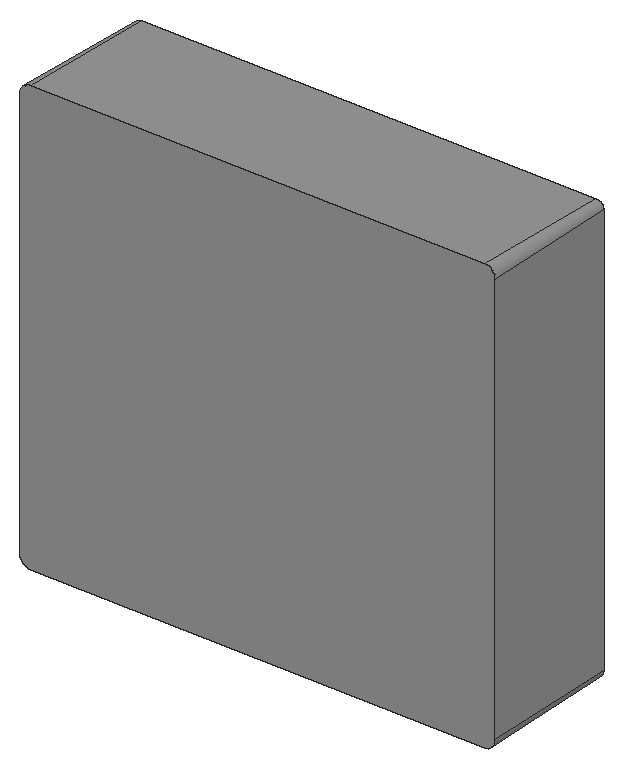
Revit family "L&L_LUCE&LIGHT_PASITO_1.2", category Lighting Fixtures, host Wall, Revit 2018 (continued)
Types (2, lengths in mm): name | Photometric Web File | built-in parameter 1150142
    00 0.00 0.00 0.00 0.00 0.00 0.00 0.00 0.00 0.00 \r\n0.00 0.00 0.00 0.00 0.00 0.00 0.00 0.00 0.00 0.00 0.00 \r\n0.00 0.00 0.00 0.00 0.00 0.00 0.00 0.00 0.00 0.00 0.00 \r\n0.00 0.00 0.00 0.00 0.00 0.00 0.00 0.00 0.00 0.00 0.00 \r\n0.00 0.00 0.00 0.00 0.00 0.00 0.00 0.00 0.00 0.00 0.00 \r\n0.00 0.00 0.00 0.00 0.02 \r\n0.07 0.00 0.00 0.00 0.00 0.00 0.00 0.00 0.00 0.00 0.00 \r\n0.00 0.00 0.00 0.00 0.00 0.00 0.00 0.00 0.00 0.00 0.00 \r\n0.00 0.00 0.00 0.00 0.00 0.00 0.00 0.00 0.00 0.00 0.00 \r\n0.00 0.00 0.00 0.00 0.00 0.00 0.00 0.00 0.00 0.00 0.00 \r\n0.00 0.00 0.00 0.00 0.00 0.00 0.00 0.00 0.00 0.00 0.00 \r\n0.00 0.00 0.00 0.00 0.00 0.00 0.00 0.00 0.00 0.00 0.00 \r\n0.00 0.00 0.00 0.00 0.00 0.00 0.00 0.00 0.00 0.00 0.00 \r\n0.00 0.00 0.00 0.00 0.00 0.00 0.00 0.00 0.00 0.00 0.00 \r\n0.00 0.00 0.00 0.00 0.00 0.00 0.00 0.00 0.00 0.00 0.00 \r\n0.00 0.00 0.00 0.00 0.00 0.00 0.00 0.00 0.00 0.00 0.00 \r\n0.00 0.00 0.00 0.00 0.00 0.00 0.00 0.00 0.00 0.00 0.00 \r\n0.00 0.00 0.00 0.00 0.00 0.00 0.00 0.00 0.00 0.00 0.00 \r\n0.00 0.00 0.00 0.00 0.00 0.00 0.00 0.00 0.00 0.00 0.00 \r\n0.00 0.00 0.00 0.00 0.00 0.00 0.00 0.00 0.00 0.00 0.00 \r\n0.00 0.00 0.00 0.00 0.00 0.00 0.00 0.00 0.00 0.00 0.00 \r\n0.00 0.00 0.00 0.00 0.00 0.00 0.00 0.00 0.00 0.00 0.00 \r\n0.00 0.00 0.00 0.00 0.02 \r\n0.07 0.00 0.00 0.00 0.00 0.00 0.00 0.00 0.00 0.00 0.00 \r\n0.00 0.00 0.00 0.00 0.00 0.00 0.00 0.00 0.00 0.00 0.00 \r\n0.00 0.00 0.00 0.00 0.00 0.00 0.00 0.00 0.00 0.00 0.00 \r\n0.00 0.00 0.00 0.00 0.00 0.00 0.00 0.00 0.00 0.00 0.00 \r\n0.00 0.00 0.00 0.00 0.00 0.00 0.00 0.00 0.00 0.00 0.00 \r\n0.00 0.00 0.00 0.00 0.00 0.00 0.00 0.00 0.00 0.00 0.00 \r\n0.00 0.00 0.00 0.00 0.00 0.00 0.00 0.00 0.00 0.00 0.00 \r\n0.00 0.00 0.00 0.00 0.00 0.00 0.00 0.00 0.00 0.00 0.00 \r\n0.00 0.00 0.00 0.00 0.00 0.00 0.00 0.00 0.00 0.00 0.00 \r\n0.00 0.00 0.00 0.00 0.00 0.00 0.00 0.00 0.00 0.00 0.00 \r\n0.00 0.00 0.00 0.00 0.00 0.00 0.00 0.00 0.00 0.00 0.00 \r\n0.00 0.00 0.00 0.00 0.00 0.00 0.00 0.00 0.00 0.00 0.00 \r\n0.00 0.00 0.00 0.00 0.00 0.00 0.00 0.00 0.00 0.00 0.00 \r\n0.00 0.00 0.00 0.00 0.00 0.00 0.00 0.00 0.00 0.00 0.00 \r\n0.00 0.00 0.00 0.00 0.00 0.00 0.00 0.00 0.00 0.00 0.00 \r\n0.00 0.00 0.00 0.00 0.00 0.00 0.00 0.00 0.00 0.00 0.00 \r\n0.00 0.00 0.00 0.00 0.02 \r\n0.07 0.00 0.00 0.00 0.00 0.00 0.00 0.00 0.00 0.00 0.00 \r\n0.00 0.00 0.00 0.00 0.00 0.00 0.00 0.00 0.00 0.00 0.00 \r\n0.00 0.00 0.00 0.00 0.00 0.00 0.00 0.00 0.00 0.00 0.00 \r\n0.00 0.00 0.00 0.00 0.00 0.00 0.00 0.00 0.00 0.00 0.00 \r\n0.00 0.00 0.00 0.00 0.00 0.00 0.00 0.00 0.00 0.00 0.00 \r\n0.00 0.00 0.00 0.00 0.00 0.00 0.00 0.00 0.00 0.00 0.00 \r\n0.00 0.00 0.00 0.00 0.00 0.00 0.00 0.00 0.00 0.00 0.00 \r\n0.00 0.00 0.00 0.00 0.00 0.00 0.00 0.00 0.00 0.00 0.00 \r\n0.00 0.00 0.00 0.00 0.00 0.00 0.00 0.00 0.00 0.00 0.00 \r\n0.00 0.00 0.00 0.00 0.00 0.00 0.00 0.00 0.00 0.00 0.00 \r\n0.00 0.00 0.00 0.00 0.00 0.00 0.00 0.00 0.00 0.00 0.00 \r\n0.00 0.00 0.00 0.00 0.00 0.00 0.00 0.00 0.00 0.00 0.00 \r\n0.00 0.00 0.00 0.00 0.00 0.00 0.00 0.00 0.00 0.00 0.00 \r\n0.00 0.00 0.00 0.00 0.00 0.00 0.00 0.00 0.00 0.00 0.00 \r\n0.00 0.00 0.00 0.00 0.00 0.00 0.00 0.00 0.00 0.00 0.00 \r\n0.00 0.00 0.00 0.00 0.00 0.00 0.00 0.00 0.00 0.00 0.00 \r\n0.00 0.00 0.00 0.00 0.02 \r\n0.07 0.00 0.00 0.00 0.00 0.00 0.00 0.00 0.00 0.00 0.00 \r\n0.00 0.00 0.00 0.00 0.00 0.00 0.00 0.00 0.00 0.00 0.00 \r\n0.00 0.00 0.00 0.00 0.00 0.00 0.00 0.00 0.00 0.00 0.00 \r\n0.00 0.00 0.00 0.00 0.00 0.00 0.00 0.00 0.00 0.00 0.00 \r\n0.00 0.00 0.00 0.00 0.00 0.00 0.00 0.00 0.00 0.00 0.00 \r\n0.00 0.00 0.00 0.00 0.00 0.00 0.00 0.00 0.00 0.00 0.00 \r\n0.00 0.00 0.00 0.00 0.00 0.00 0.00 0.00 0.00 0.00 0.00 \r\n0.00 0.00 0.00 0.00 0.00 0.00 0.00 0.00 0.00 0.00 0.00 \r\n0.00 0.00 0.00 0.00 0.00 0.00 0.00 0.00 0.00 0.00 0.00 \r\n0.00 0.00 0.00 0.00 0.00 0.00 0.00 0.00 0.00 0.00 0.00 \r\n0.00 0.00 0.00 0.00 0.00 0.00 0.00 0.00 0.00 0.00 0.00 \r\n0.00 0.00 0.00 0.00 0.00 0.00 0.00 0.00 0.00 0.00 0.00 \r\n0.00 0.00 0.00 0.00 0.00 0.00 0.00 0.00 0.00 0.00 0.00 \r\n0.00 0.00 0.00 0.00 0.00 0.00 0.00 0.00 0.00 0.00 0.00 \r\n0.00 0.00 0.00 0.00 0.00 0.00 0.00 0.00 0.00 0.00 0.00 \r\n0.00 0.00 0.00 0.00 0.00 0.00 0.00 0.00 0.00 0.00 0.00 \r\n0.00 0.00 0.00 0.00 0.02 \r\n0.07 0.00 0.00 0.00 0.00 0.00 0.00 0.00 0.00 0.00 0.00 \r\n0.00 0.00 0.00 0.00 0.00 0.00 0.00 0.00 0.00 0.00 0.00 \r\n0.00 0.00 0.00 0.00 0.00 0.00 0.00 0.00 0.00 0.00 0.00 \r\n0.00 0.00 0.00 0.00 0.00 0.00 0.00 0.00 0.00 0.00 0.00 \r\n0.00 0.00 0.00 0.00 0.00 0.00 0.00 0.00 0.00 0.00 0.00 \r\n0.00 0.00 0.00 0.00 0.00 0.00 0.00 0.00 0.00 0.00 0.00 \r\n0.00 0.00 0.00 0.00 0.00 0.00 0.00 0.00 0.00 0.00 0.00 \r\n0.00 0.00 0.00 0.00 0.00 0.00 0.00 0.00 0.00 0.00 0.00 \r\n0.00 0.00 0.00 0.00 0.00 0.00 0.00 0.00 0.00 0.00 0.00 \r\n0.00 0.00 0.00 0.00 0.00 0.00 0.00 0.00 0.00 0.00 0.00 \r\n0.00 0.00 0.00 0.00 0.00 0.00 0.00 0.00 0.00 0.00 0.00 \r\n0.00 0.00 0.00 0.00 0.00 0.00 0.00 0.00 0.00 0.00 0.00 \r\n0.00 0.00 0.00 0.00 0.00 0.00 0.00 0.00 0.00 0.00 0.00 \r\n0.00 0.00 0.00 0.00 0.00 0.00 0.00 0.00 0.00 0.00 0.00 \r\n0.00 0.00 0.00 0.00 0.00 0.00 0.00 0.00 0.00 0.00 0.00 \r\n0.00 0.00 0.00 0.00 0.00 0.00 0.00 0.00 0.00 0.00 0.00 \r\n0.00 0.00 0.00 0.00 0.02 \r\n0.07 0.00 0.00 0.00 0.00 0.00 0.00 0.00 0.00 0.00 0.00 \r\n0.00 0.00 0.00 0.00 0.00 0.00 0.00 0.00 0.00 0.00 0.00 \r\n0.00 0.00 0.00 0.00 0.00 0.00 0.00 0.00 0.00 0.00 0.00 \r\n0.00 0.00 0.00 0.00 0.00 0.00 0.00 0.00 0.00 0.00 0.00 \r\n0.00 0.00 0.00 0.00 0.00 0.00 0.00 0.00 0.00 0.00 0.00 \r\n0.00 0.00 0.00 0.00 0.00 0.00 0.00 0.00 0.00 0.00 0.00 \r\n0.00 0.00 0.00 0.00 0.00 0.00 0.00 0.00 0.00 0.00 0.00 \r\n0.00 0.00 0.00 0.00 0.00 0.00 0.00 0.00 0.00 0.00 0.00 \r\n0.00 0.00 0.00 0.00 0.00 0.00 0.00 0.00 0.00 0.00 0.00 \r\n0.00 0.00 0.00 0.00 0.00 0.00 0.00 0.00 0.00 0.00 0.00 \r\n0.00 0.00 0.00 0.00 0.00 0.00 0.00 0.00 0.00 0.00 0.00 \r\n0.00 0.00 0.00 0.00 0.00 0.00 0.00 0.00 0.00 0.00 0.00 \r\n0.00 0.00 0.00 0.00 0.00 0.00 0.00 0.00 0.00 0.00 0.00 \r\n0.00 0.00 0.00 0.00 0.00 0.00 0.00 0.00 0.00 0.00 0.00 \r\n0.00 0.00 0.00 0.00 0.00 0.00 0.00 0.00 0.00 0.00 0.00 \r\n0.00 0.00 0.00 0.00 0.00 0.00 0.00 0.00 0.00 0.00 0.00 \r\n0.00 0.00 0.00 0.00 0.02 \r\n0.07 0.00 0.00 0.00 0.00 0.00 0.00 0.00 0.00 0.00 0.00 \r\n0.00 0.00 0.00 0.00 0.00 0.00 0.00 0.00 0.00 0.00 0.00 \r\n0.00 0.00 0.00 0.00 0.00 0.00 0.00 0.00 0.00 0.00 0.00 \r\n0.00 0.00 0.00 0.00 0.00 0.00 0.00 0.00 0.00 0.00 0.00 \r\n0.00 0.00 0.00 0.00 0.00 0.00 0.00 0.00 0.00 0.00 0.00 \r\n0.00 0.00 0.00 0.00 0.00 0.00 0.00 0.00 0.00 0.00 0.00 \r\n0.00 0.00 0.00 0.00 0.00 0.00 0.00 0.00 0.00 0.00 0.00 \r\n0.00 0.00 0.00 0.00 0.00 0.00 0.00 0.00 0.00 0.00 0.00 \r\n0.00 0.00 0.00 0.00 0.00 0.00 0.00 0.00 0.00 0.00 0.00 \r\n0.00 0.00 0.00 0.00 0.00 0.00 0.00 0.00 0.00 0.00 0.00 \r\n0.00 0.00 0.00 0.00 0.00 0.00 0.00 0.00 0.00 0.00 0.00 \r\n0.00 0.00 0.00 0.00 0.00 0.00 0.00 0.00 0.00 0.00 0.00 \r\n0.00 0.00 0.00 0.00 0.00 0.00 0.00 0.00 0.00 0.00 0.00 \r\n0.00 0.00 0.00 0.00 0.00 0.00 0.00 0.00 0.00 0.00 0.00 \r\n0.00 0.00 0.00 0.00 0.00 0.00 0.00 0.00 0.00 0.00 0.00 \r\n0.00 0.00 0.00 0.00 0.00 0.00 0.00 0.00 0.00 0.00 0.00 \r\n0.00 0.00 0.00 0.00 0.02 \r\n0.07 0.00 0.00 0.00 0.00 0.00 0.00 0.00 0.00 0.00 0.00 \r\n0.00 0.00 0.00 0.00 0.00 0.00 0.00 0.00 0.00 0.00 0.00 \r\n0.00 0.00 0.00 0.00 0.00 0.00 0.00 0.00 0.00 0.00 0.00 \r\n0.00 0.00 0.00 0.00 0.00 0.00 0.00 0.00 0.00 0.00 0.00 \r\n0.00 0.00 0.00 0.00 0.00 0.00 0.00 0.00 0.00 0.00 0.00 \r\n0.00 0.00 0.00 0.00 0.00 0.00 0.00 0.00 0.00 0.00 0.00 \r\n0.00 0.00 0.00 0.00 0.00 0.00 0.00 0.00 0.00 0.00 0.00 \r\n0.00 0.00 0.00 0.00 0.00 0.00 0.00 0.00 0.00 0.00 0.00 \r\n0.00 0.00 0.00 0.00 0.00 0.00 0.00 0.00 0.00 0.00 0.00 \r\n0.00 0.00 0.00 0.00 0.00 0.00 0.00 0.00 0.00 0.00 0.00 \r\n0.00 0.00 0.00 0.00 0.00 0.00 0.00 0.00 0.00 0.00 0.00 \r\n0.00 0.00 0.00 0.00 0.00 0.00 0.00 0.00 0.00 0.00 0.00 \r\n0.00 0.00 0.00 0.00 0.00 0.00 0.00 0.00 0.00 0.00 0.00 \r\n0.00 0.00 0.00 0.00 0.00 0.00 0.00 0.00 0.00 0.00 0.00 \r\n0.00 0.00 0.00 0.00 0.00 0.00 0.00 0.00 0.00 0.00 0.00 \r\n0.00 0.00 0.00 0.00 0.00 0.00 0.00 0.00 0.00 0.00 0.00 \r\n0.00 0.00 0.00 0.00 0.02 \r\n0.07 0.01 0.00 0.00 0.00 0.00 0.00 0.00 0.00 0.00 0.00 \r\n0.00 0.00 0.00 0.00 0.00 0.00 0.00 0.00 0.00 0.00 0.00 \r\n0.00 0.00 0.00 0.00 0.00 0.00 0.00 0.00 0.00 0.00 0.00 \r\n0.00 0.00 0.00 0.00 0.00 0.00 0.00 0.00 0.00 0.00 0.00 \r\n0.00 0.00 0.00 0.00 0.00 0.00 0.00 0.00 0.00 0.00 0.00 \r\n0.00 0.00 0.00 0.00 0.00 0.00 0.00 0.00 0.00 0.00 0.00 \r\n0.00 0.00 0.00 0.00 0.00 0.00 0.00 0.00 0.00 0.00 0.00 \r\n0.00 0.00 0.00 0.00 0.00 0.00 0.00 0.00 0.00 0.00 0.00 \r\n0.00 0.00 0.00 0.00 0.00 0.00 0.00 0.00 0.00 0.00 0.00 \r\n0.00 0.00 0.00 0.00 0.00 0.00 0.00 0.00 0.00 0.00 0.00 \r\n0.00 0.00 0.00 0.00 0.00 0.00 0.00 0.00 0.00 0.00 0.00 \r\n0.00 0.00 0.00 0.00 0.00 0.00 0.00 0.00 0.00 0.00 0.00 \r\n0.00 0.00 0.00 0.00 0.00 0.00 0.00 0.00 0.00 0.00 0.00 \r\n0.00 0.00 0.00 0.00 0.00 0.00 0.00 0.00 0.00 0.00 0.00 \r\n0.00 0.00 0.00 0.00 0.00 0.00 0.00 0.00 0.00 0.00 0.00 \r\n0.00 0.00 0.00 0.00 0.00 0.00 0.00 0.00 0.00 0.00 0.00 \r\n0.00 0.00 0.00 0.00 0.02 \r\n0.07 0.01 0.00 0.00 0.00 0.00 0.00 0.00 0.00 0.00 0.00 \r\n0.00 0.00 0.00 0.00 0.00 0.00 0.00 0.00 0.00 0.00 0.00 \r\n0.00 0.00 0.00 0.00 0.00 0.00 0.00 0.00 0.00 0.00 0.00 \r\n0.00 0.00 0.00 0.00 0.00 0.00 0.00 0.00 0.00 0.00 0.00 \r\n0.00 0.00 0.00 0.00 0.00 0.00 0.00 0.00 0.00 0.00 0.00 \r\n0.00 0.00 0.00 0.00 0.00 0.00 0.00 0.00 0.00 0.00 0.00 \r\n0.00 0.00 0.00 0.00 0.00 0.00 0.00 0.00 0.00 0.00 0.00 \r\n0.00 0.00 0.00 0.00 0.00 0.00 0.00 0.00 0.00 0.00 0.00 \r\n0.00 0.00 0.00 0.00 0.00 0.00 0.00 0.00 0.00 0.00 0.00 \r\n0.00 0.00 0.00 0.00 0.00 0.00 0.00 0.00 0.00 0.00 0.00 \r\n0.00 0.00 0.00 0.00 0.00 0.00 0.00 0.00 0.00 0.00 0.00 \r\n0.00 0.00 0.00 0.00 0.00 0.00 0.00 0.00 0.00 0.00 0.00 \r\n0.00 0.00 0.00 0.00 0.00 0.00 0.00 0.00 0.00 0.00 0.00 \r\n0.00 0.00 0.00 0.00 0.00 0.00 0.00 0.00 0.00 0.00 0.00 \r\n0.00 0.00 0.00 0.00 0.00 0.00 0.00 0.00 0.00 0.00 0.00 \r\n0.00 0.00 0.00 0.00 0.00 0.00 0.00 0.00 0.00 0.00 0.00 \r\n0.00 0.00 0.00 0.00 0.02 \r\n0.07 0.01 0.00 0.00 0.00 0.00 0.00 0.00 0.00 0.00 0.00 \r\n0.00 0.00 0.00 0.00 0.00 0.00 0.00 0.00 0.00 0.00 0.00 \r\n0.00 0.00 0.00 0.00 0.00 0.00 0.00 0.00 0.00 0.00 0.00 \r\n0.00 0.00 0.00 0.00 0.00 0.00 0.00 0.00 0.00 0.00 0.00 \r\n0.00 0.00 0.00 0.00 0.00 0.00 0.00 0.00 0.00 0.00 0.00 \r\n0.00 0.00 0.00 0.00 0.00 0.00 0.00 0.00 0.00 0.00 0.00 \r\n0.00 0.00 0.00 0.00 0.00 0.00 0.00 0.00 0.00 0.00 0.00 \r\n0.00 0.00 0.00 0.00 0.00 0.00 0.00 0.00 0.00 0.00 0.00 \r\n0.00 0.00 0.00 0.00 0.00 0.00 0.00 0.00 0.00 0.00 0.00 \r\n0.00 0.00 0.00 0.00 0.00 0.00 0.00 0.00 0.00 0.00 0.00 \r\n0.00 0.00 0.00 0.00 0.00 0.00 0.00 0.00 0.00 0.00 0.00 \r\n0.00 0.00 0.00 0.00 0.00 0.00 0.00 0.00 0.00 0.00 0.00 \r\n0.00 0.00 0.00 0.00 0.00 0.00 0.00 0.00 0.00 0.00 0.00 \r\n0.00 0.00 0.00 0.00 0.00 0.00 0.00 0.00 0.00 0.00 0.00 \r\n0.00 0.00 0.00 0.00 0.00 0.00 0.00 0.00 0.00 0.00 0.00 \r\n0.00 0.00 0.00 0.00 0.00 0.00 0.00 0.00 0.00 0.00 0.00 \r\n0.00 0.00 0.00 0.00 0.02 \r\n0.07 0.02 0.00 0.00 0.00 0.00 0.00 0.00 0.00 0.00 0.00 \r\n0.00 0.00 0.00 0.00 0.00 0.00 0.00 0.00 0.00 0.00 0.00 \r\n0.00 0.00 0.00 0.00 0.00 0.00 0.00 0.00 0.00 0.00 0.00 \r\n0.00 0.00 0.00 0.00 0.00 0.00 0.00 0.00 0.00 0.00 0.00 \r\n0.00 0.00 0.00 0.00 0.00 0.00 0.00 0.00 0.00 0.00 0.00 \r\n0.00 0.00 0.00 0.00 0.00 0.00 0.00 0.00 0.00 0.00 0.00 \r\n0.00 0.00 0.00 0.00 0.00 0.00 0.00 0.00 0.00 0.00 0.00 \r\n0.00 0.00 0.00 0.00 0.00 0.00 0.00 0.00 0.00 0.00 0.00 \r\n0.00 0.00 0.00 0.00 0.00 0.00 0.00 0.00 0.00 0.00 0.00 \r\n0.00 0.00 0.00 0.00 0.00 0.00 0.00 0.00 0.00 0.00 0.00 \r\n0.00 0.00 0.00 0.00 0.00 0.00 0.00 0.00 0.00 0.00 0.00 \r\n0.00 0.00 0.00 0.00 0.00 0.00 0.00 0.00 0.00 0.00 0.00 \r\n0.00 0.00 0.00 0.00 0.00 0.00 0.00 0.00 0.00 0.00 0.00 \r\n0.00 0.00 0.00 0.00 0.00 0.00 0.00 0.00 0.00 0.00 0.00 \r\n0.00 0.00 0.00 0.00 0.00 0.00 0.00 0.00 0.00 0.00 0.00 \r\n0.00 0.00 0.00 0.00 0.00 0.00 0.00 0.00 0.00 0.00 0.00 \r\n0.00 0.00 0.00 0.00 0.02 \r\n0.07 0.02 0.00 0.00 0.00 0.00 0.00 0.00 0.00 0.00 0.00 \r\n0.00 0.00 0.00 0.00 0.00 0.00 0.00 0.00 0.00 0.00 0.00 \r\n0.00 0.00 0.00 0.00 0.00 0.00 0.00 0.00 0.00 0.00 0.00 \r\n0.00 0.00 0.00 0.00 0.00 0.00 0.00 0.00 0.00 0.00 0.00 \r\n0.00 0.00 0.00 0.00 0.00 0.00 0.00 0.00 0.00 0.00 0.00 \r\n0.00 0.00 0.00 0.00 0.00 0.00 0.00 0.00 0.00 0.00 0.00 \r\n0.00 0.00 0.00 0.00 0.00 0.00 0.00 0.00 0.00 0.00 0.00 \r\n0.00 0.00 0.00 0.00 0.00 0.00 0.00 0.00 0.00 0.00 0.00 \r\n0.00 0.00 0.00 0.00 0.00 0.00 0.00 0.00 0.00 0.00 0.00 \r\n0.00 0.00 0.00 0.00 0.00 0.00 0.00 0.00 0.00 0.00 0.00 \r\n0.00 0.00 0.00 0.00 0.00 0.00 0.00 0.00 0.00 0.00 0.00 \r\n0.00 0.00 0.00 0.00 0.00 0.00 0.00 0.00 0.00 0.00 0.00 \r\n0.00 0.00 0.00 0.00 0.00 0.00 0.00 0.00 0.00 0.00 0.00 \r\n0.00 0.00 0.00 0.00 0.00 0.00 0.00 0.00 0.00 0.00 0.00 \r\n0.00 0.00 0.00 0.00 0.00 0.00 0.00 0.00 0.00 0.00 0.00 \r\n0.00 0.00 0.00 0.00 0.00 0.00 0.00 0.00 0.00 0.00 0.00 \r\n0.00 0.00 0.00 0.00 0.02 \r\n0.07 0.03 0.00 0.00 0.00 0.00 0.00 0.00 0.00 0.00 0.00 \r\n0.00 0.00 0.00 0.00 0.00 0.00 0.00 0.00 0.00 0.00 0.00 \r\n0.00 0.00 0.00 0.00 0.00 0.00 0.00 0.00 0.00 0.00 0.00 \r\n0.00 0.00 0.00 0.00 0.00 0.00 0.00 0.00 0.00 0.00 0.00 \r\n0.00 0.00 0.00 0.00 0.00 0.00 0.00 0.00 0.00 0.00 0.00 \r\n0.00 0.00 0.00 0.00 0.00 0.00 0.00 0.00 0.00 0.00 0.00 \r\n0.00 0.00 0.00 0.00 0.00 0.00 0.00 0.00 0.00 0.00 0.00 \r\n0.00 0.00 0.00 0.00 0.00 0.00 0.00 0.00 0.00 0.00 0.00 \r\n0.00 0.00 0.00 0.00 0.00 0.00 0.00 0.00 0.00 0.00 0.00 \r\n0.00 0.00 0.00 0.00 0.00 0.00 0.00 0.00 0.00 0.00 0.00 \r\n0.00 0.00 0.00 0.00 0.00 0.00 0.00 0.00 0.00 0.00 0.00 \r\n0.00 0.00 0.00 0.00 0.00 0.00 0.00 0.00 0.00 0.00 0.00 \r\n0.00 0.00 0.00 0.00 0.00 0.00 0.00 0.00 0.00 0.00 0.00 \r\n0.00 0.00 0.00 0.00 0.00 0.00 0.00 0.00 0.00 0.00 0.00 \r\n0.00 0.00 0.00 0.00 0.00 0.00 0.00 0.00 0.00 0.00 0.00 \r\n0.00 0.00 0.00 0.00 0.00 0.00 0.00 0.00 0.00 0.00 0.00 \r\n0.00 0.00 0.00 0.01 0.02 \r\n0.07 0.03 0.00 0.00 0.00 0.00 0.00 0.00 0.00 0.00 0.00 \r\n0.00 0.00 0.00 0.00 0.00 0.00 0.00 0.00 0.00 0.00 0.00 \r\n0.00 0.00 0.00 0.00 0.00 0.00 0.00 0.00 0.00 0.00 0.00 \r\n0.00 0.00 0.00 0.00 0.00 0.00 0.00 0.00 0.00 0.00 0.00 \r\n0.00 0.00 0.00 0.00 0.00 0.00 0.00 0.00 0.00 0.00 0.00 \r\n0.00 0.00 0.00 0.00 0.00 0.00 0.00 0.00 0.00 0.00 0.00 \r\n0.00 0.00 0.00 0.00 0.00 0.00 0.00 0.00 0.00 0.00 0.00 \r\n0.00 0.00 0.00 0.00 0.00 0.00 0.00 0.00 0.00 0.00 0.00 \r\n0.00 0.00 0.00 0.00 0.00 0.00 0.00 0.00 0.00 0.00 0.00 \r\n0.00 0.00 0.00 0.00 0.00 0.00 0.00 0.00 0.00 0.00 0.00 \r\n0.00 0.00 0.00 0.00 0.00 0.00 0.00 0.00 0.00 0.00 0.00 \r\n0.00 0.00 0.00 0.00 0.00 0.00 0.00 0.00 0.00 0.00 0.00 \r\n0.00 0.00 0.00 0.00 0.00 0.00 0.00 0.00 0.00 0.00 0.00 \r\n0.00 0.00 0.00 0.00 0.00 0.00 0.00 0.00 0.00 0.00 0.00 \r\n0.00 0.00 0.00 0.00 0.00 0.00 0.00 0.00 0.00 0.00 0.00 \r\n0.00 0.00 0.00 0.00 0.00 0.00 0.00 0.00 0.00 0.00 0.00 \r\n0.00 0.00 0.00 0.01 0.02 \r\n0.07 0.04 0.00 0.00 0.00 0.00 0.00 0.00 0.00 0.00 0.00 \r\n0.00 0.00 0.00 0.00 0.00 0.00 0.00 0.00 0.00 0.00 0.00 \r\n0.00 0.00 0.00 0.00 0.00 0.00 0.00 0.00 0.00 0.00 0.00 \r\n0.00 0.00 0.00 0.00 0.00 0.00 0.00 0.00 0.00 0.00 0.00 \r\n0.00 0.00 0.00 0.00 0.00 0.00 0.00 0.00 0.00 0.00 0.00 \r\n0.00 0.00 0.00 0.00 0.00 0.00 0.00 0.00 0.00 0.00 0.00 \r\n0.00 0.00 0.00 0.00 0.00 0.00 0.00 0.00 0.00 0.00 0.00 \r\n0.00 0.00 0.00 0.00 0.00 0.00 0.00 0.00 0.00 0.00 0.00 \r\n0.00 0.00 0.00 0.00 0.00 0.00 0.00 0.00 0.00 0.00 0.00 \r\n0.00 0.00 0.00 0.00 0.00 0.00 0.00 0.00 0.00 0.00 0.00 \r\n0.00 0.00 0.00 0.00 0.00 0.00 0.00 0.00 0.00 0.00 0.00 \r\n0.00 0.00 0.00 0.00 0.00 0.00 0.00 0.00 0.00 0.00 0.00 \r\n0.00 0.00 0.00 0.00 0.00 0.00 0.00 0.00 0.00 0.00 0.00 \r\n0.00 0.00 0.00 0.00 0.00 0.00 0.00 0.00 0.00 0.00 0.00 \r\n0.00 0.00 0.00 0.00 0.00 0.00 0.00 0.00 0.00 0.00 0.00 \r\n0.00 0.00 0.00 0.00 0.00 0.00 0.00 0.00 0.00 0.00 0.00 \r\n0.00 0.00 0.00 0.01 0.02 \r\n0.07 0.04 0.01 0.00 0.00 0.00 0.00 0.00 0.00 0.00 0.00 \r\n0.00 0.00 0.00 0.00 0.00 0.00 0.00 0.00 0.00 0.00 0.00 \r\n0.00 0.00 0.00 0.00 0.00 0.00 0.00 0.00 0.00 0.00 0.00 \r\n0.00 0.00 0.00 0.00 0.00 0.00 0.00 0.00 0.00 0.00 0.00 \r\n0.00 0.00 0.00 0.00 0.00 0.00 0.00 0.00 0.00 0.00 0.00 \r\n0.00 0.00 0.00 0.00 0.00 0.00 0.00 0.00 0.00 0.00 0.00 \r\n0.00 0.00 0.00 0.00 0.00 0.00 0.00 0.00 0.00 0.00 0.00 \r\n0.00 0.00 0.00 0.00 0.00 0.00 0.00 0.00 0.00 0.00 0.00 \r\n0.00 0.00 0.00 0.00 0.00 0.00 0.00 0.00 0.00 0.00 0.00 \r\n0.00 0.00 0.00 0.00 0.00 0.00 0.00 0.00 0.00 0.00 0.00 \r\n0.00 0.00 0.00 0.00 0.00 0.00 0.00 0.00 0.00 0.00 0.00 \r\n0.00 0.00 0.00 0.00 0.00 0.00 0.00 0.00 0.00
